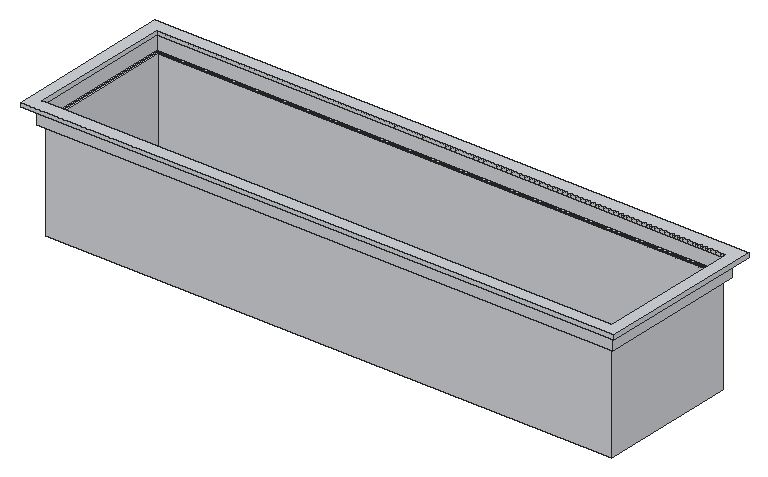
Revit family "Gira_289900", category Electrical Fixtures, host Face, Revit 2017
Family settings
  Host = Face
  Maintain Annotation Orientation = No
  Round Connector Dimension = Use Diameter
  Part Type = Normal
  Cut with Voids When Loaded = No
  Shared = No
  Room Calculation Point = No
Parameters (values of type "Gerätedose 4f flach Gira E22")
  Werkstoff = "Kunststoff"
  URL = "http://katalog.gira.de/de_DE/datenblatt.html?artikelnr=289900"
  Schutzart (IP) = "IP20"
  Region = "DE"
  Name = "Gerätedose 4f flach Gira E22"
  Montageart = "Hohlwand"
  Manufacturer URL = "https://www.gira.de/"
  Keynote = "E22flach_Gerätedose_4fach"
  HeinzeBIM = "https://bimportal.heinze.de/bim/geraetedose-4f-flach-gira-e22/b12f489da75b163397fe934a27b80a94c746e742"
  Halogenfrei = "No"
  HAN = "289900"
  GTIN = "4010337066545"
  Form = "rechteckig"
  Default Elevation = 1219.2 mm
  Data sheet (1) = "https://katalog.gira.de/de_DE/download.html?artikelnr=289900"
  Category = "Dose, Gehäuse für Montage in der Wand/Decke"
  Bestückung = "ohne"
  Befestigung der Geräte = "schrauben"
  Bauform = "Gerätedose"
  Available = "Yes"
  Ausführung = "sonstige"
Reference planes
  plane 1 "Center (Front/Back)": y = 0
  plane 2: z = 0
  plane 3 "Center (Left/Right)": x = 0
Forms (mm)
  Extrusion 1, solid, detail levels fine
    sketch origin (0, 0, 0) x (1, 0, 0) y (0, 1, 0)
      loop
        line (-148.7, -42) -> (148.7, -42) -> (148.7, 42) -> (-148.7, 42) -> (-148.7, -42)
      loop
        line (-142.857, 35.857) -> (-142.857, -35.957) -> (142.857, -35.957) -> (142.857, 35.857) -> (-142.857, 35.857)
    from -1 to 1
  Extrusion 2, solid, detail levels fine
    sketch origin (0, 0, 0) x (1, 0, 0) y (0, 1, 0)
      loop
        line (-144.2, 37.2) -> (-144.2, -37.2) -> (144.2, -37.2) -> (144.2, 37.2) -> (-144.2, 37.2)
      loop
        line (-142.857, 35.857) -> (-142.857, -35.857) -> (142.857, -35.857) -> (142.857, 35.857) -> (-142.857, 35.857)
    from -9.5 to 0
  Extrusion 3, solid, detail levels fine
    sketch origin (0, 0, 0) x (1, 0, 0) y (0, 1, 0)
      loop
        line (141.65, 34.75) -> (-141.65, 34.75) -> (-141.65, -34.75) -> (141.65, -34.75) -> (141.65, 34.75)
      loop
        line (-140.201, 33.301) -> (-140.201, -33.301) -> (140.201, -33.301) -> (140.201, 33.301) -> (-140.201, 33.301)
    from -59.5 to -7.5
  Extrusion 4, solid, detail levels fine
    sketch origin (0, 0, 0) x (1, 0, 0) y (0, 1, 0)
      loop
        line (-140.201, 33.301) -> (-140.201, -33.301) -> (140.201, -33.301) -> (140.201, 33.301) -> (-140.201, 33.301)
    from -59.5 to -57.5
  Extrusion 5, solid, detail levels fine
    sketch origin (0, 0, 0) x (1, 0, 0) y (0, 1, 0)
      loop
        line (-141.65, -34.75) -> (141.65, -34.75) -> (141.65, 34.75) -> (-141.65, 34.75) -> (-141.65, -34.75)
      loop
        line (-142.857, -35.857) -> (142.857, -35.857) -> (142.857, 35.857) -> (-142.857, 35.857) -> (-142.857, -35.857)
    from -9.5 to -7.5
  Extrusion 6, solid, detail levels coarse
    sketch origin (0, 0, 0) x (1, 0, 0) y (0, 1, 0)
      loop
        line (-148.7, -42) -> (148.7, -42) -> (148.7, 42) -> (-148.7, 42) -> (-148.7, -42)
    from -59.5 to 1
  Extrusion 7, solid, detail levels medium
    sketch origin (4.676, 0, 0) x (1, 0, 0) y (0, 1, 0)
      loop
        line (-153.376, -42) -> (144.024, -42) -> (144.024, 42) -> (-153.376, 42) -> (-153.376, -42)
    from -1 to 1
  Extrusion 8, solid, detail levels medium
    sketch origin (0, 0, 0) x (1, 0, 0) y (0, 1, 0)
      loop
        line (141.65, 34.75) -> (-141.65, 34.75) -> (-141.65, -34.75) -> (141.65, -34.75) -> (141.65, 34.75)
    from -59.5 to -9.5
  Extrusion 9, solid, detail levels medium
    sketch origin (0, 0, 0) x (1, 0, 0) y (0, 1, 0)
      loop
        line (-144.2, 37.2) -> (-144.2, -37.2) -> (144.2, -37.2) -> (144.2, 37.2) -> (-144.2, 37.2)
    from -9.5 to 0
Dimensions and locks
  aligned and locked: plane 2 to host face
  aligned and locked: level to host face
